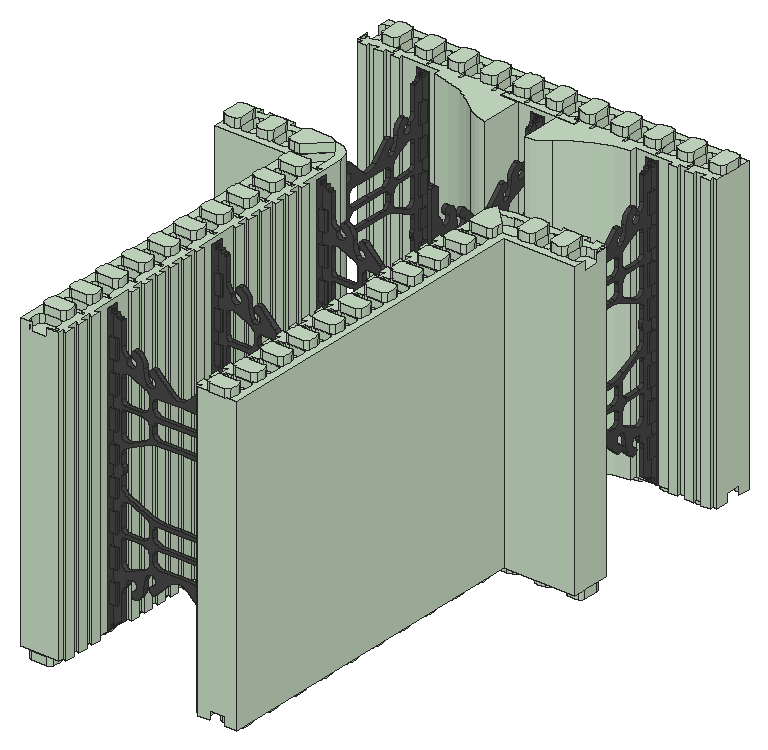
Revit family (continued)
Forms (in)
  Extrusion 46, void
    sketch origin (2, 8, 0) x (-1, 0, 0) y (0, -1, 0)
      loop
        arc (-4.89808, 25.99998) -> (-5.04517, 25.95213) -> (-5.13595, 25.8269) r 0.25
        arc (-5.13595, 25.8269) -> (-5.1875, 25.49998) -> (-5.13595, 25.17306) r 1.0625
    from 0 to 0.5
  Extrusion 47, void
    sketch origin (2, 10, 0) x (-1, 0, 0) y (0, -1, 0)
      loop
        arc (-5.13595, 25.17306) -> (-5.04517, 25.04783) -> (-4.89808, 24.99998) r 0.25
        line (-4.89808, 24.99998) -> (-3.97692, 24.99998)
        arc (-3.97692, 24.99998) -> (-3.82983, 25.04783) -> (-3.73905, 25.17306) r 0.25
        arc (-3.73905, 25.17306) -> (-3.69045, 25.4209) -> (-3.70172, 25.67321) r 1.0625
        arc (-3.70172, 25.67321) -> (-3.68771, 25.72383) -> (-3.64005, 25.7459) r 0.0625
        line (-3.64005, 25.7459) -> (-3.41845, 25.7459) -> (-3.41845, 25.91673) -> (-3.76455, 25.91673)
        arc (-3.76455, 25.91673) -> (-3.78736, 25.92104) -> (-3.80702, 25.93338) r 0.0625
        arc (-3.80702, 25.93338) -> (-3.88568, 25.98274) -> (-3.97692, 25.99998) r 0.25
        line (-3.97692, 25.99998) -> (-4.89808, 25.99998)
        arc (-4.89808, 25.99998) -> (-5.04517, 25.95213) -> (-5.13595, 25.8269) r 0.25
        arc (-5.13595, 25.8269) -> (-5.1875, 25.49998) -> (-5.13595, 25.17306) r 1.0625
    from 0 to 0.5
  Extrusion 48, void
    sketch origin (2, 12, 0) x (-1, 0, 0) y (0, -1, 0)
      loop
        arc (-5.13595, 25.17306) -> (-5.04517, 25.04783) -> (-4.89808, 24.99998) r 0.25
        line (-4.89808, 24.99998) -> (-3.97692, 24.99998)
        arc (-3.97692, 24.99998) -> (-3.82983, 25.04783) -> (-3.73905, 25.17306) r 0.25
        arc (-3.73905, 25.17306) -> (-3.69045, 25.4209) -> (-3.70172, 25.67321) r 1.0625
        arc (-3.70172, 25.67321) -> (-3.68771, 25.72383) -> (-3.64005, 25.7459) r 0.0625
        line (-3.64005, 25.7459) -> (-3.41845, 25.7459) -> (-3.41845, 25.91673) -> (-3.76455, 25.91673)
        arc (-3.76455, 25.91673) -> (-3.78736, 25.92104) -> (-3.80702, 25.93338) r 0.0625
        arc (-3.80702, 25.93338) -> (-3.88568, 25.98274) -> (-3.97692, 25.99998) r 0.25
        line (-3.97692, 25.99998) -> (-4.89808, 25.99998)
        arc (-4.89808, 25.99998) -> (-5.04517, 25.95213) -> (-5.13595, 25.8269) r 0.25
        arc (-5.13595, 25.8269) -> (-5.1875, 25.49998) -> (-5.13595, 25.17306) r 1.0625
    from 0 to 0.5
  Extrusion 49, void
    sketch origin (2, 14, 0) x (-1, 0, 0) y (0, -1, 0)
      loop
        arc (-5.13595, 25.17306) -> (-5.04517, 25.04783) -> (-4.89808, 24.99998) r 0.25
        line (-4.89808, 24.99998) -> (-3.97692, 24.99998)
        arc (-3.97692, 24.99998) -> (-3.82983, 25.04783) -> (-3.73905, 25.17306) r 0.25
        arc (-3.73905, 25.17306) -> (-3.69045, 25.4209) -> (-3.70172, 25.67321) r 1.0625
        arc (-3.70172, 25.67321) -> (-3.68771, 25.72383) -> (-3.64005, 25.7459) r 0.0625
        line (-3.64005, 25.7459) -> (-3.41845, 25.7459) -> (-3.41845, 25.91673) -> (-3.76455, 25.91673)
        arc (-3.76455, 25.91673) -> (-3.78736, 25.92104) -> (-3.80702, 25.93338) r 0.0625
        arc (-3.80702, 25.93338) -> (-3.88568, 25.98274) -> (-3.97692, 25.99998) r 0.25
        line (-3.97692, 25.99998) -> (-4.89808, 25.99998)
        arc (-4.89808, 25.99998) -> (-5.04517, 25.95213) -> (-5.13595, 25.8269) r 0.25
        arc (-5.13595, 25.8269) -> (-5.1875, 25.49998) -> (-5.13595, 25.17306) r 1.0625
    from 0 to 0.5
  Extrusion 50, void
    sketch origin (2, 16, 0) x (-1, 0, 0) y (0, -1, 0)
      loop
        arc (-5.13595, 25.17306) -> (-5.04517, 25.04783) -> (-4.89808, 24.99998) r 0.25
        line (-4.89808, 24.99998) -> (-3.97692, 24.99998)
        arc (-3.97692, 24.99998) -> (-3.82983, 25.04783) -> (-3.73905, 25.17306) r 0.25
        arc (-3.73905, 25.17306) -> (-3.69045, 25.4209) -> (-3.70172, 25.67321) r 1.0625
        arc (-3.70172, 25.67321) -> (-3.68771, 25.72383) -> (-3.64005, 25.7459) r 0.0625
        line (-3.64005, 25.7459) -> (-3.41845, 25.7459) -> (-3.41845, 25.91673) -> (-3.76455, 25.91673)
        arc (-3.76455, 25.91673) -> (-3.78736, 25.92104) -> (-3.80702, 25.93338) r 0.0625
        arc (-3.80702, 25.93338) -> (-3.88568, 25.98274) -> (-3.97692, 25.99998) r 0.25
        line (-3.97692, 25.99998) -> (-4.89808, 25.99998)
        arc (-4.89808, 25.99998) -> (-5.04517, 25.95213) -> (-5.13595, 25.8269) r 0.25
        arc (-5.13595, 25.8269) -> (-5.1875, 25.49998) -> (-5.13595, 25.17306) r 1.0625
    from 0 to 0.5
  Extrusion 51, void
    sketch origin (2.00002, -1.99998, 0) x (0, -1, 0) y (1, 0, 0)
      loop
        arc (5.67323, 3.7017) -> (5.72385, 3.68769) -> (5.74592, 3.64003) r 0.0625
        line (5.74592, 3.64003) -> (5.74592, 3.41844) -> (5.91675, 3.41844) -> (5.91675, 3.76453)
        arc (5.91675, 3.76453) -> (5.92106, 3.78734) -> (5.9334, 3.807) r 0.0625
        arc (5.9334, 3.807) -> (5.98276, 3.88566) -> (6, 3.9769) r 0.25
        line (6, 3.9769) -> (6, 4.89806)
        arc (6, 4.89806) -> (5.95215, 5.04515) -> (5.82692, 5.13593) r 0.25
        arc (5.82692, 5.13593) -> (5.66548, 5.17452) -> (5.5, 5.18748) r 1.0625
        line (5.5, 5.18748) -> (5.1875, 5.18748) -> (3.98039, 3.98037)
        arc (3.98039, 3.98037) -> (4.30482, 3.7636) -> (4.6875, 3.68748) r 1
        line (4.6875, 3.68748) -> (5.5, 3.68748)
        arc (5.5, 3.68748) -> (5.58691, 3.69104) -> (5.67323, 3.7017) r 1.0625
    from 0 to 0.5
  Extrusion 52, void
    sketch origin (33.99998, -1.99998, 0) x (0, 1, 0) y (-1, 0, 0)
      loop
        arc (-5.13595, 25.17306) -> (-5.04517, 25.04783) -> (-4.89808, 24.99998) r 0.25
        line (-4.89808, 24.99998) -> (-3.97692, 24.99998)
        arc (-3.97692, 24.99998) -> (-3.82983, 25.04783) -> (-3.73905, 25.17306) r 0.25
        arc (-3.73905, 25.17306) -> (-3.69045, 25.4209) -> (-3.70172, 25.67321) r 1.0625
        arc (-3.70172, 25.67321) -> (-3.68771, 25.72383) -> (-3.64005, 25.7459) r 0.0625
        line (-3.64005, 25.7459) -> (-3.41845, 25.7459) -> (-3.41845, 25.91673) -> (-3.76455, 25.91673)
        arc (-3.76455, 25.91673) -> (-3.78736, 25.92104) -> (-3.80702, 25.93338) r 0.0625
        arc (-3.80702, 25.93338) -> (-3.88568, 25.98274) -> (-3.97692, 25.99998) r 0.25
        line (-3.97692, 25.99998) -> (-4.89808, 25.99998)
        arc (-4.89808, 25.99998) -> (-5.04517, 25.95213) -> (-5.13595, 25.8269) r 0.25
        arc (-5.13595, 25.8269) -> (-5.1875, 25.49998) -> (-5.13595, 25.17306) r 1.0625
    from 0 to 0.5
  Extrusion 53, void
    sketch origin (35.99998, -1.99998, 0) x (0, 1, 0) y (-1, 0, 0)
      loop
        arc (-5.13595, 25.17306) -> (-5.04517, 25.04783) -> (-4.89808, 24.99998) r 0.25
        line (-4.89808, 24.99998) -> (-3.97692, 24.99998)
        arc (-3.97692, 24.99998) -> (-3.82983, 25.04783) -> (-3.73905, 25.17306) r 0.25
        arc (-3.73905, 25.17306) -> (-3.69045, 25.4209) -> (-3.70172, 25.67321) r 1.0625
        arc (-3.70172, 25.67321) -> (-3.68771, 25.72383) -> (-3.64005, 25.7459) r 0.0625
        line (-3.64005, 25.7459) -> (-3.41845, 25.7459) -> (-3.41845, 25.91673) -> (-3.76455, 25.91673)
        arc (-3.76455, 25.91673) -> (-3.78736, 25.92104) -> (-3.80702, 25.93338) r 0.0625
        arc (-3.80702, 25.93338) -> (-3.88568, 25.98274) -> (-3.97692, 25.99998) r 0.25
        line (-3.97692, 25.99998) -> (-4.89808, 25.99998)
        arc (-4.89808, 25.99998) -> (-5.04517, 25.95213) -> (-5.13595, 25.8269) r 0.25
        arc (-5.13595, 25.8269) -> (-5.1875, 25.49998) -> (-5.13595, 25.17306) r 1.0625
    from 0 to 0.5
  Extrusion 54, void
    sketch origin (15.99998, -0.00002, 0) x (0, -1, 0) y (1, 0, 0)
      loop
        arc (-5.13595, -25.17306) -> (-5.1875, -25.49998) -> (-5.13595, -25.8269) r 1.0625
        arc (-5.13595, -25.8269) -> (-5.04517, -25.95213) -> (-4.89808, -25.99998) r 0.25
        line (-4.89808, -25.99998) -> (-3.97692, -25.99998)
        arc (-3.97692, -25.99998) -> (-3.88568, -25.98274) -> (-3.80702, -25.93338) r 0.25
        arc (-3.80702, -25.93338) -> (-3.78736, -25.92104) -> (-3.76455, -25.91673) r 0.0625
        line (-3.76455, -25.91673) -> (-3.41845, -25.91673) -> (-3.41845, -25.7459) -> (-3.64005, -25.7459)
        arc (-3.64005, -25.7459) -> (-3.68771, -25.72383) -> (-3.70172, -25.67321) r 0.0625
        arc (-3.70172, -25.67321) -> (-3.69045, -25.4209) -> (-3.73905, -25.17306) r 1.0625
        arc (-3.73905, -25.17306) -> (-3.82983, -25.04783) -> (-3.97692, -24.99998) r 0.25
        line (-3.97692, -24.99998) -> (-4.89808, -24.99998)
        arc (-4.89808, -24.99998) -> (-5.04517, -25.04783) -> (-5.13595, -25.17306) r 0.25
    from 18 to 17.5
  Extrusion 55, void
    sketch origin (17.99998, -0.00002, 0) x (0, -1, 0) y (1, 0, 0)
      loop
        arc (-5.13595, -25.17306) -> (-5.1875, -25.49998) -> (-5.13595, -25.8269) r 1.0625
        arc (-5.13595, -25.8269) -> (-5.04517, -25.95213) -> (-4.89808, -25.99998) r 0.25
        line (-4.89808, -25.99998) -> (-3.97692, -25.99998)
        arc (-3.97692, -25.99998) -> (-3.88568, -25.98274) -> (-3.80702, -25.93338) r 0.25
        arc (-3.80702, -25.93338) -> (-3.78736, -25.92104) -> (-3.76455, -25.91673) r 0.0625
        line (-3.76455, -25.91673) -> (-3.41845, -25.91673) -> (-3.41845, -25.7459) -> (-3.64005, -25.7459)
        arc (-3.64005, -25.7459) -> (-3.68771, -25.72383) -> (-3.70172, -25.67321) r 0.0625
        arc (-3.70172, -25.67321) -> (-3.69045, -25.4209) -> (-3.73905, -25.17306) r 1.0625
        arc (-3.73905, -25.17306) -> (-3.82983, -25.04783) -> (-3.97692, -24.99998) r 0.25
        line (-3.97692, -24.99998) -> (-4.89808, -24.99998)
        arc (-4.89808, -24.99998) -> (-5.04517, -25.04783) -> (-5.13595, -25.17306) r 0.25
    from 18 to 17.5
  Extrusion 56, void
    sketch origin (19.99998, -0.00002, 0) x (0, -1, 0) y (1, 0, 0)
      loop
        arc (-5.13595, -25.17306) -> (-5.1875, -25.49998) -> (-5.13595, -25.8269) r 1.0625
        arc (-5.13595, -25.8269) -> (-5.04517, -25.95213) -> (-4.89808, -25.99998) r 0.25
        line (-4.89808, -25.99998) -> (-3.97692, -25.99998)
        arc (-3.97692, -25.99998) -> (-3.88568, -25.98274) -> (-3.80702, -25.93338) r 0.25
        arc (-3.80702, -25.93338) -> (-3.78736, -25.92104) -> (-3.76455, -25.91673) r 0.0625
        line (-3.76455, -25.91673) -> (-3.41845, -25.91673) -> (-3.41845, -25.7459) -> (-3.64005, -25.7459)
        arc (-3.64005, -25.7459) -> (-3.68771, -25.72383) -> (-3.70172, -25.67321) r 0.0625
        arc (-3.70172, -25.67321) -> (-3.69045, -25.4209) -> (-3.73905, -25.17306) r 1.0625
        arc (-3.73905, -25.17306) -> (-3.82983, -25.04783) -> (-3.97692, -24.99998) r 0.25
        line (-3.97692, -24.99998) -> (-4.89808, -24.99998)
        arc (-4.89808, -24.99998) -> (-5.04517, -25.04783) -> (-5.13595, -25.17306) r 0.25
    from 18 to 17.5
  Extrusion 57, void
    sketch origin (21.99998, -0.00002, 0) x (0, -1, 0) y (1, 0, 0)
      loop
        arc (-5.13595, -25.17306) -> (-5.1875, -25.49998) -> (-5.13595, -25.8269) r 1.0625
        arc (-5.13595, -25.8269) -> (-5.04517, -25.95213) -> (-4.89808, -25.99998) r 0.25
        line (-4.89808, -25.99998) -> (-3.97692, -25.99998)
        arc (-3.97692, -25.99998) -> (-3.88568, -25.98274) -> (-3.80702, -25.93338) r 0.25
        arc (-3.80702, -25.93338) -> (-3.78736, -25.92104) -> (-3.76455, -25.91673) r 0.0625
        line (-3.76455, -25.91673) -> (-3.41845, -25.91673) -> (-3.41845, -25.7459) -> (-3.64005, -25.7459)
        arc (-3.64005, -25.7459) -> (-3.68771, -25.72383) -> (-3.70172, -25.67321) r 0.0625
        arc (-3.70172, -25.67321) -> (-3.69045, -25.4209) -> (-3.73905, -25.17306) r 1.0625
        arc (-3.73905, -25.17306) -> (-3.82983, -25.04783) -> (-3.97692, -24.99998) r 0.25
        line (-3.97692, -24.99998) -> (-4.89808, -24.99998)
        arc (-4.89808, -24.99998) -> (-5.04517, -25.04783) -> (-5.13595, -25.17306) r 0.25
    from 18 to 17.5
  Extrusion 58, void
    sketch origin (23.99998, -0.00002, 0) x (0, -1, 0) y (1, 0, 0)
      loop
        arc (-5.13595, -25.17306) -> (-5.1875, -25.49998) -> (-5.13595, -25.8269) r 1.0625
        arc (-5.13595, -25.8269) -> (-5.04517, -25.95213) -> (-4.89808, -25.99998) r 0.25
        line (-4.89808, -25.99998) -> (-3.97692, -25.99998)
        arc (-3.97692, -25.99998) -> (-3.88568, -25.98274) -> (-3.80702, -25.93338) r 0.25
        arc (-3.80702, -25.93338) -> (-3.78736, -25.92104) -> (-3.76455, -25.91673) r 0.0625
        line (-3.76455, -25.91673) -> (-3.41845, -25.91673) -> (-3.41845, -25.7459) -> (-3.64005, -25.7459)
        arc (-3.64005, -25.7459) -> (-3.68771, -25.72383) -> (-3.70172, -25.67321) r 0.0625
        arc (-3.70172, -25.67321) -> (-3.69045, -25.4209) -> (-3.73905, -25.17306) r 1.0625
        arc (-3.73905, -25.17306) -> (-3.82983, -25.04783) -> (-3.97692, -24.99998) r 0.25
        line (-3.97692, -24.99998) -> (-4.89808, -24.99998)
        arc (-4.89808, -24.99998) -> (-5.04517, -25.04783) -> (-5.13595, -25.17306) r 0.25
    from 18 to 17.5
  Extrusion 59, void
    sketch origin (29.99998, -0.00002, 0) x (0, -1, 0) y (1, 0, 0)
      loop
        arc (-5.13595, -25.17306) -> (-5.1875, -25.49998) -> (-5.13595, -25.8269) r 1.0625
        arc (-5.13595, -25.8269) -> (-5.04517, -25.95213) -> (-4.89808, -25.99998) r 0.25
        line (-4.89808, -25.99998) -> (-3.97692, -25.99998)
        arc (-3.97692, -25.99998) -> (-3.88568, -25.98274) -> (-3.80702, -25.93338) r 0.25
        arc (-3.80702, -25.93338) -> (-3.78736, -25.92104) -> (-3.76455, -25.91673) r 0.0625
        line (-3.76455, -25.91673) -> (-3.41845, -25.91673) -> (-3.41845, -25.7459) -> (-3.64005, -25.7459)
        arc (-3.64005, -25.7459) -> (-3.68771, -25.72383) -> (-3.70172, -25.67321) r 0.0625
        arc (-3.70172, -25.67321) -> (-3.69045, -25.4209) -> (-3.73905, -25.17306) r 1.0625
        arc (-3.73905, -25.17306) -> (-3.82983, -25.04783) -> (-3.97692, -24.99998) r 0.25
        line (-3.97692, -24.99998) -> (-4.89808, -24.99998)
        arc (-4.89808, -24.99998) -> (-5.04517, -25.04783) -> (-5.13595, -25.17306) r 0.25
    from 18 to 17.5
  Extrusion 60, void
    sketch origin (31.99998, -0.00002, 0) x (0, -1, 0) y (1, 0, 0)
      loop
        arc (-5.13595, -25.17306) -> (-5.1875, -25.49998) -> (-5.13595, -25.8269) r 1.0625
        arc (-5.13595, -25.8269) -> (-5.04517, -25.95213) -> (-4.89808, -25.99998) r 0.25
        line (-4.89808, -25.99998) -> (-3.97692, -25.99998)
        arc (-3.97692, -25.99998) -> (-3.88568, -25.98274) -> (-3.80702, -25.93338) r 0.25
        arc (-3.80702, -25.93338) -> (-3.78736, -25.92104) -> (-3.76455, -25.91673) r 0.0625
        line (-3.76455, -25.91673) -> (-3.41845, -25.91673) -> (-3.41845, -25.7459) -> (-3.64005, -25.7459)
        arc (-3.64005, -25.7459) -> (-3.68771, -25.72383) -> (-3.70172, -25.67321) r 0.0625
        arc (-3.70172, -25.67321) -> (-3.69045, -25.4209) -> (-3.73905, -25.17306) r 1.0625
        arc (-3.73905, -25.17306) -> (-3.82983, -25.04783) -> (-3.97692, -24.99998) r 0.25
        line (-3.97692, -24.99998) -> (-4.89808, -24.99998)
        arc (-4.89808, -24.99998) -> (-5.04517, -25.04783) -> (-5.13595, -25.17306) r 0.25
    from 18 to 17.5
  Extrusion 61, void
    sketch origin (33.99998, -0.00002, 0) x (0, -1, 0) y (1, 0, 0)
      loop
        arc (-5.13595, -25.17306) -> (-5.1875, -25.49998) -> (-5.13595, -25.8269) r 1.0625
        arc (-5.13595, -25.8269) -> (-5.04517, -25.95213) -> (-4.89808, -25.99998) r 0.25
        line (-4.89808, -25.99998) -> (-3.97692, -25.99998)
        arc (-3.97692, -25.99998) -> (-3.88568, -25.98274) -> (-3.80702, -25.93338) r 0.25
        arc (-3.80702, -25.93338) -> (-3.78736, -25.92104) -> (-3.76455, -25.91673) r 0.0625
        line (-3.76455, -25.91673) -> (-3.41845, -25.91673) -> (-3.41845, -25.7459) -> (-3.64005, -25.7459)
        arc (-3.64005, -25.7459) -> (-3.68771, -25.72383) -> (-3.70172, -25.67321) r 0.0625
        arc (-3.70172, -25.67321) -> (-3.69045, -25.4209) -> (-3.73905, -25.17306) r 1.0625
        arc (-3.73905, -25.17306) -> (-3.82983, -25.04783) -> (-3.97692, -24.99998) r 0.25
        line (-3.97692, -24.99998) -> (-4.89808, -24.99998)
        arc (-4.89808, -24.99998) -> (-5.04517, -25.04783) -> (-5.13595, -25.17306) r 0.25
    from 18 to 17.5
  Extrusion 62, void
    sketch origin (35.99998, -0.00002, 0) x (0, -1, 0) y (1, 0, 0)
      loop
        arc (-5.13595, -25.17306) -> (-5.1875, -25.49998) -> (-5.13595, -25.8269) r 1.0625
        arc (-5.13595, -25.8269) -> (-5.04517, -25.95213) -> (-4.89808, -25.99998) r 0.25
        line (-4.89808, -25.99998) -> (-3.97692, -25.99998)
        arc (-3.97692, -25.99998) -> (-3.88568, -25.98274) -> (-3.80702, -25.93338) r 0.25
        arc (-3.80702, -25.93338) -> (-3.78736, -25.92104) -> (-3.76455, -25.91673) r 0.0625
        line (-3.76455, -25.91673) -> (-3.41845, -25.91673) -> (-3.41845, -25.7459) -> (-3.64005, -25.7459)
        arc (-3.64005, -25.7459) -> (-3.68771, -25.72383) -> (-3.70172, -25.67321) r 0.0625
        arc (-3.70172, -25.67321) -> (-3.69045, -25.4209) -> (-3.73905, -25.17306) r 1.0625
        arc (-3.73905, -25.17306) -> (-3.82983, -25.04783) -> (-3.97692, -24.99998) r 0.25
        line (-3.97692, -24.99998) -> (-4.89808, -24.99998)
        arc (-4.89808, -24.99998) -> (-5.04517, -25.04783) -> (-5.13595, -25.17306) r 0.25
    from 18 to 17.5
  Extrusion 63, void
    sketch origin (-33.99998, -0.00002, 0) x (0, -1, 0) y (1, 0, 0)
      loop
        arc (-5.13595, 25.17306) -> (-5.04517, 25.04783) -> (-4.89808, 24.99998) r 0.25
        line (-4.89808, 24.99998) -> (-3.97692, 24.99998)
        arc (-3.97692, 24.99998) -> (-3.82983, 25.04783) -> (-3.73905, 25.17306) r 0.25
        arc (-3.73905, 25.17306) -> (-3.69045, 25.4209) -> (-3.70172, 25.67321) r 1.0625
        arc (-3.70172, 25.67321) -> (-3.68771, 25.72383) -> (-3.64005, 25.7459) r 0.0625
        line (-3.64005, 25.7459) -> (-3.41845, 25.7459) -> (-3.41845, 25.91673) -> (-3.76455, 25.91673)
        arc (-3.76455, 25.91673) -> (-3.78736, 25.92104) -> (-3.80702, 25.93338) r 0.0625
        arc (-3.80702, 25.93338) -> (-3.88568, 25.98274) -> (-3.97692, 25.99998) r 0.25
        line (-3.97692, 25.99998) -> (-4.89808, 25.99998)
        arc (-4.89808, 25.99998) -> (-5.04517, 25.95213) -> (-5.13595, 25.8269) r 0.25
        arc (-5.13595, 25.8269) -> (-5.1875, 25.49998) -> (-5.13595, 25.17306) r 1.0625
    from 0 to 0.5
  Extrusion 64, void
    sketch origin (-31.99998, -0.00002, 0) x (0, -1, 0) y (1, 0, 0)
      loop
        arc (-5.13595, 25.17306) -> (-5.04517, 25.04783) -> (-4.89808, 24.99998) r 0.25
        line (-4.89808, 24.99998) -> (-3.97692, 24.99998)
        arc (-3.97692, 24.99998) -> (-3.82983, 25.04783) -> (-3.73905, 25.17306) r 0.25
        arc (-3.73905, 25.17306) -> (-3.69045, 25.4209) -> (-3.70172, 25.67321) r 1.0625
        arc (-3.70172, 25.67321) -> (-3.68771, 25.72383) -> (-3.64005, 25.7459) r 0.0625
        line (-3.64005, 25.7459) -> (-3.41845, 25.7459) -> (-3.41845, 25.91673) -> (-3.76455, 25.91673)
        arc (-3.76455, 25.91673) -> (-3.78736, 25.92104) -> (-3.80702, 25.93338) r 0.0625
        arc (-3.80702, 25.93338) -> (-3.88568, 25.98274) -> (-3.97692, 25.99998) r 0.25
        line (-3.97692, 25.99998) -> (-4.89808, 25.99998)
        arc (-4.89808, 25.99998) -> (-5.04517, 25.95213) -> (-5.13595, 25.8269) r 0.25
        arc (-5.13595, 25.8269) -> (-5.1875, 25.49998) -> (-5.13595, 25.17306) r 1.0625
    from 0 to 0.5
  Extrusion 65, void
    sketch origin (-29.99998, -0.00002, 0) x (0, -1, 0) y (1, 0, 0)
      loop
        arc (-5.13595, 25.17306) -> (-5.04517, 25.04783) -> (-4.89808, 24.99998) r 0.25
        line (-4.89808, 24.99998) -> (-3.97692, 24.99998)
        arc (-3.97692, 24.99998) -> (-3.82983, 25.04783) -> (-3.73905, 25.17306) r 0.25
        arc (-3.73905, 25.17306) -> (-3.69045, 25.4209) -> (-3.70172, 25.67321) r 1.0625
        arc (-3.70172, 25.67321) -> (-3.68771, 25.72383) -> (-3.64005, 25.7459) r 0.0625
        line (-3.64005, 25.7459) -> (-3.41845, 25.7459) -> (-3.41845, 25.91673) -> (-3.76455, 25.91673)
        arc (-3.76455, 25.91673) -> (-3.78736, 25.92104) -> (-3.80702, 25.93338) r 0.0625
        arc (-3.80702, 25.93338) -> (-3.88568, 25.98274) -> (-3.97692, 25.99998) r 0.25
        line (-3.97692, 25.99998) -> (-4.89808, 25.99998)
        arc (-4.89808, 25.99998) -> (-5.04517, 25.95213) -> (-5.13595, 25.8269) r 0.25
        arc (-5.13595, 25.8269) -> (-5.1875, 25.49998) -> (-5.13595, 25.17306) r 1.0625
    from 0 to 0.5
  Extrusion 66, void
    sketch origin (-27.99998, -0.00002, 0) x (0, -1, 0) y (1, 0, 0)
      loop
        arc (-5.13595, 25.17306) -> (-5.04517, 25.04783) -> (-4.89808, 24.99998) r 0.25
        line (-4.89808, 24.99998) -> (-3.97692, 24.99998)
        arc (-3.97692, 24.99998) -> (-3.82983, 25.04783) -> (-3.73905, 25.17306) r 0.25
        arc (-3.73905, 25.17306) -> (-3.69045, 25.4209) -> (-3.70172, 25.67321) r 1.0625
        arc (-3.70172, 25.67321) -> (-3.68771, 25.72383) -> (-3.64005, 25.7459) r 0.0625
        line (-3.64005, 25.7459) -> (-3.41845, 25.7459) -> (-3.41845, 25.91673) -> (-3.76455, 25.91673)
        arc (-3.76455, 25.91673) -> (-3.78736, 25.92104) -> (-3.80702, 25.93338) r 0.0625
        arc (-3.80702, 25.93338) -> (-3.88568, 25.98274) -> (-3.97692, 25.99998) r 0.25
        line (-3.97692, 25.99998) -> (-4.89808, 25.99998)
        arc (-4.89808, 25.99998) -> (-5.04517, 25.95213) -> (-5.13595, 25.8269) r 0.25
        arc (-5.13595, 25.8269) -> (-5.1875, 25.49998) -> (-5.13595, 25.17306) r 1.0625
    from 0 to 0.5
  Extrusion 67, void
    sketch origin (-19.99998, -0.00002, 0) x (0, -1, 0) y (1, 0, 0)
      loop
        arc (-5.13595, 25.17306) -> (-5.04517, 25.04783) -> (-4.89808, 24.99998) r 0.25
        line (-4.89808, 24.99998) -> (-3.97692, 24.99998)
        arc (-3.97692, 24.99998) -> (-3.82983, 25.04783) -> (-3.73905, 25.17306) r 0.25
        arc (-3.73905, 25.17306) -> (-3.69045, 25.4209) -> (-3.70172, 25.67321) r 1.0625
        arc (-3.70172, 25.67321) -> (-3.68771, 25.72383) -> (-3.64005, 25.7459) r 0.0625
        line (-3.64005, 25.7459) -> (-3.41845, 25.7459) -> (-3.41845, 25.91673) -> (-3.76455, 25.91673)
        arc (-3.76455, 25.91673) -> (-3.78736, 25.92104) -> (-3.80702, 25.93338) r 0.0625
        arc (-3.80702, 25.93338) -> (-3.88568, 25.98274) -> (-3.97692, 25.99998) r 0.25
        line (-3.97692, 25.99998) -> (-4.89808, 25.99998)
        arc (-4.89808, 25.99998) -> (-5.04517, 25.95213) -> (-5.13595, 25.8269) r 0.25
        arc (-5.13595, 25.8269) -> (-5.1875, 25.49998) -> (-5.13595, 25.17306) r 1.0625
    from 0 to 0.5
  Extrusion 68, void
    sketch origin (-17.99998, -0.00002, 0) x (0, -1, 0) y (1, 0, 0)
      loop
        arc (-5.13595, 25.17306) -> (-5.04517, 25.04783) -> (-4.89808, 24.99998) r 0.25
        line (-4.89808, 24.99998) -> (-3.97692, 24.99998)
        arc (-3.97692, 24.99998) -> (-3.82983, 25.04783) -> (-3.73905, 25.17306) r 0.25
        arc (-3.73905, 25.17306) -> (-3.69045, 25.4209) -> (-3.70172, 25.67321) r 1.0625
        arc (-3.70172, 25.67321) -> (-3.68771, 25.72383) -> (-3.64005, 25.7459) r 0.0625
        line (-3.64005, 25.7459) -> (-3.41845, 25.7459) -> (-3.41845, 25.91673) -> (-3.76455, 25.91673)
        arc (-3.76455, 25.91673) -> (-3.78736, 25.92104) -> (-3.80702, 25.93338) r 0.0625
        arc (-3.80702, 25.93338) -> (-3.88568, 25.98274) -> (-3.97692, 25.99998) r 0.25
        line (-3.97692, 25.99998) -> (-4.89808, 25.99998)
        arc (-4.89808, 25.99998) -> (-5.04517, 25.95213) -> (-5.13595, 25.8269) r 0.25
        arc (-5.13595, 25.8269) -> (-5.1875, 25.49998) -> (-5.13595, 25.17306) r 1.0625
    from 0 to 0.5
  Extrusion 69, void
    sketch origin (-15.99998, -0.00002, 0) x (0, -1, 0) y (1, 0, 0)
      loop
        arc (-5.13595, 25.17306) -> (-5.04517, 25.04783) -> (-4.89808, 24.99998) r 0.25
        line (-4.89808, 24.99998) -> (-3.97692, 24.99998)
        arc (-3.97692, 24.99998) -> (-3.82983, 25.04783) -> (-3.73905, 25.17306) r 0.25
        arc (-3.73905, 25.17306) -> (-3.69045, 25.4209) -> (-3.70172, 25.67321) r 1.0625
        arc (-3.70172, 25.67321) -> (-3.68771, 25.72383) -> (-3.64005, 25.7459) r 0.0625
        line (-3.64005, 25.7459) -> (-3.41845, 25.7459) -> (-3.41845, 25.91673) -> (-3.76455, 25.91673)
        arc (-3.76455, 25.91673) -> (-3.78736, 25.92104) -> (-3.80702, 25.93338) r 0.0625
        arc (-3.80702, 25.93338) -> (-3.88568, 25.98274) -> (-3.97692, 25.99998) r 0.25
        line (-3.97692, 25.99998) -> (-4.89808, 25.99998)
        arc (-4.89808, 25.99998) -> (-5.04517, 25.95213) -> (-5.13595, 25.8269) r 0.25
        arc (-5.13595, 25.8269) -> (-5.1875, 25.49998) -> (-5.13595, 25.17306) r 1.0625
    from 0 to 0.5
  Extrusion 70, void
    sketch origin (-13.99998, -0.00002, 0) x (0, -1, 0) y (1, 0, 0)
      loop
        arc (-5.13595, 25.17306) -> (-5.04517, 25.04783) -> (-4.89808, 24.99998) r 0.25
        line (-4.89808, 24.99998) -> (-3.97692, 24.99998)
        arc (-3.97692, 24.99998) -> (-3.82983, 25.04783) -> (-3.73905, 25.17306) r 0.25
        arc (-3.73905, 25.17306) -> (-3.69045, 25.4209) -> (-3.70172, 25.67321) r 1.0625
        arc (-3.70172, 25.67321) -> (-3.68771, 25.72383) -> (-3.64005, 25.7459) r 0.0625
        line (-3.64005, 25.7459) -> (-3.41845, 25.7459) -> (-3.41845, 25.91673) -> (-3.76455, 25.91673)
        arc (-3.76455, 25.91673) -> (-3.78736, 25.92104) -> (-3.80702, 25.93338) r 0.0625
        arc (-3.80702, 25.93338) -> (-3.88568, 25.98274) -> (-3.97692, 25.99998) r 0.25
        line (-3.97692, 25.99998) -> (-4.89808, 25.99998)
        arc (-4.89808, 25.99998) -> (-5.04517, 25.95213) -> (-5.13595, 25.8269) r 0.25
        arc (-5.13595, 25.8269) -> (-5.1875, 25.49998) -> (-5.13595, 25.17306) r 1.0625
    from 0 to 0.5
  Extrusion 71, solid, material "NUDURA Expanded Polystyrene Foam Insulation"
    sketch origin (2, -2, 0) x (1, 0, 0) y (0, 1, 0)
      loop
        arc (3.98039, -3.98037) -> (3.76362, -4.3048) -> (3.6875, -4.68748) r 1
        line (3.6875, -4.68748) -> (3.6875, -5.49998)
        arc (3.6875, -5.49998) -> (3.70047, -5.66546) -> (3.73905, -5.8269) r 1.0625
        arc (3.73905, -5.8269) -> (3.82983, -5.95213) -> (3.97692, -5.99998) r 0.25
        line (3.97692, -5.99998) -> (4.89808, -5.99998)
        arc (4.89808, -5.99998) -> (5.04517, -5.95213) -> (5.13595, -5.8269) r 0.25
        arc (5.13595, -5.8269) -> (5.17453, -5.66546) -> (5.1875, -5.49998) r 1.0625
        line (5.1875, -5.49998) -> (5.1875, -5.18748) -> (3.98039, -3.98037)
    from 18 to 18.5
  Extrusion 72, solid, material "NUDURA Expanded Polystyrene Foam Insulation"
    sketch origin (0, -2, 0) x (1, 0, 0) y (0, 1, 0)
      loop
        line (-4.6875, -3.68748) -> (-5.5, -3.68748)
        arc (-5.5, -3.68748) -> (-5.66548, -3.70045) -> (-5.82692, -3.73903) r 1.0625
        arc (-5.82692, -3.73903) -> (-5.95215, -3.82981) -> (-6, -3.9769) r 0.25
        line (-6, -3.9769) -> (-6, -4.89806)
        arc (-6, -4.89806) -> (-5.95215, -5.04515) -> (-5.82692, -5.13593) r 0.25
        arc (-5.82692, -5.13593) -> (-5.66548, -5.17452) -> (-5.5, -5.18748) r 1.0625
        line (-5.5, -5.18748) -> (-5.1875, -5.18748) -> (-3.98039, -3.98037)
        arc (-3.98039, -3.98037) -> (-4.30482, -3.7636) -> (-4.6875, -3.68748) r 1
    from 18 to 18.5
  Extrusion 73, solid, material "NUDURA Expanded Polystyrene Foam Insulation"
    sketch origin (0, -2, 0) x (1, 0, 0) y (0, 1, 0)
      loop
        line (-5.1875, -5.18748) -> (-5.1875, -5.49998)
        arc (-5.1875, -5.49998) -> (-5.17453, -5.66546) -> (-5.13595, -5.8269) r 1.0625
        arc (-5.13595, -5.8269) -> (-5.04517, -5.95213) -> (-4.89808, -5.99998) r 0.25
        line (-4.89808, -5.99998) -> (-3.97692, -5.99998)
        arc (-3.97692, -5.99998) -> (-3.82983, -5.95213) -> (-3.73905, -5.8269) r 0.25
        arc (-3.73905, -5.8269) -> (-3.70047, -5.66546) -> (-3.6875, -5.49998) r 1.0625
        line (-3.6875, -5.49998) -> (-3.6875, -4.68748)
        arc (-3.6875, -4.68748) -> (-3.76362, -4.3048) -> (-3.98039, -3.98037) r 1
        line (-3.98039, -3.98037) -> (-5.1875, -5.18748)
    from 0 to -0.5
  Extrusion 74, solid, material "NUDURA Expanded Polystyrene Foam Insulation"
    sketch origin (2, -2, 0) x (1, 0, 0) y (0, 1, 0)
      loop
        arc (6, -3.9769) -> (5.95215, -3.82981) -> (5.82692, -3.73903) r 0.25
        arc (5.82692, -3.73903) -> (5.66548, -3.70045) -> (5.5, -3.68748) r 1.0625
        line (5.5, -3.68748) -> (4.6875, -3.68748)
        arc (4.6875, -3.68748) -> (4.30482, -3.7636) -> (3.98039, -3.98037) r 1
        line (3.98039, -3.98037) -> (5.1875, -5.18748) -> (5.5, -5.18748)
        arc (5.5, -5.18748) -> (5.66548, -5.17452) -> (5.82692, -5.13593) r 1.0625
        arc (5.82692, -5.13593) -> (5.95215, -5.04515) -> (6, -4.89806) r 0.25
        line (6, -4.89806) -> (6, -3.9769)
    from 0 to -0.5
  Extrusion 75, void
    sketch origin (-21.99998, -0.00002, 0) x (0, -1, 0) y (1, 0, 0)
      loop
        arc (-5.13595, 25.17306) -> (-5.04517, 25.04783) -> (-4.89808, 24.99998) r 0.25
        line (-4.89808, 24.99998) -> (-3.97692, 24.99998)
        arc (-3.97692, 24.99998) -> (-3.82983, 25.04783) -> (-3.73905, 25.17306) r 0.25
        arc (-3.73905, 25.17306) -> (-3.69045, 25.4209) -> (-3.70172, 25.67321) r 1.0625
        arc (-3.70172, 25.67321) -> (-3.68771, 25.72383) -> (-3.64005, 25.7459) r 0.0625
        line (-3.64005, 25.7459) -> (-3.41845, 25.7459) -> (-3.41845, 25.91673) -> (-3.76455, 25.91673)
        arc (-3.76455, 25.91673) -> (-3.78736, 25.92104) -> (-3.80702, 25.93338) r 0.0625
        arc (-3.80702, 25.93338) -> (-3.88568, 25.98274) -> (-3.97692, 25.99998) r 0.25
        line (-3.97692, 25.99998) -> (-4.89808, 25.99998)
        arc (-4.89808, 25.99998) -> (-5.04517, 25.95213) -> (-5.13595, 25.8269) r 0.25
        arc (-5.13595, 25.8269) -> (-5.1875, 25.49998) -> (-5.13595, 25.17306) r 1.0625
    from 0 to 0.5
  Extrusion 76, solid, material "NUDURA Expanded Polystyrene Foam Insulation"
    sketch origin (0, 0, 0) x (1, 0, 0) y (0, 1, 0)
      loop
        line (-1.25, 5.625) -> (-1.25, 5.17633) -> (-1, 5.24332) -> (-1, 4.63633) -> (-1.25, 4.69867) -> (-1.25, 4.17633) -> (-1, 4.24332) -> (-1, 3.63633) -> (-1.25, 3.69867) -> (-1.25, 3.25) -> (3.25, 3.25) -> (3.25, 3.69867) -> (3, 3.63633) -> (3, 4.24332) -> (3.25, 4.17633) -> (3.25, 4.69867) -> (3, 4.63633) -> (3, 5.24332) -> (3.25, 5.17633) -> (3.25, 5.625) -> (-1.25, 5.625)
    from 0 to 18
  Extrusion 77, void
    sketch origin (25.99998, -0.00002, 0) x (0, -1, 0) y (1, 0, 0)
      loop
        arc (-5.13595, -25.17306) -> (-5.1875, -25.49998) -> (-5.13595, -25.8269) r 1.0625
        arc (-5.13595, -25.8269) -> (-5.04517, -25.95213) -> (-4.89808, -25.99998) r 0.25
        line (-4.89808, -25.99998) -> (-3.97692, -25.99998)
        arc (-3.97692, -25.99998) -> (-3.88568, -25.98274) -> (-3.80702, -25.93338) r 0.25
        arc (-3.80702, -25.93338) -> (-3.78736, -25.92104) -> (-3.76455, -25.91673) r 0.0625
        line (-3.76455, -25.91673) -> (-3.41845, -25.91673) -> (-3.41845, -25.7459) -> (-3.64005, -25.7459)
        arc (-3.64005, -25.7459) -> (-3.68771, -25.72383) -> (-3.70172, -25.67321) r 0.0625
        arc (-3.70172, -25.67321) -> (-3.69045, -25.4209) -> (-3.73905, -25.17306) r 1.0625
        arc (-3.73905, -25.17306) -> (-3.82983, -25.04783) -> (-3.97692, -24.99998) r 0.25
        line (-3.97692, -24.99998) -> (-4.89808, -24.99998)
        arc (-4.89808, -24.99998) -> (-5.04517, -25.04783) -> (-5.13595, -25.17306) r 0.25
    from 18 to 17.5
  Extrusion 78, void
    sketch origin (27.99998, -0.00002, 0) x (0, -1, 0) y (1, 0, 0)
      loop
        arc (-5.13595, -25.17306) -> (-5.1875, -25.49998) -> (-5.13595, -25.8269) r 1.0625
        arc (-5.13595, -25.8269) -> (-5.04517, -25.95213) -> (-4.89808, -25.99998) r 0.25
        line (-4.89808, -25.99998) -> (-3.97692, -25.99998)
        arc (-3.97692, -25.99998) -> (-3.88568, -25.98274) -> (-3.80702, -25.93338) r 0.25
        arc (-3.80702, -25.93338) -> (-3.78736, -25.92104) -> (-3.76455, -25.91673) r 0.0625
        line (-3.76455, -25.91673) -> (-3.41845, -25.91673) -> (-3.41845, -25.7459) -> (-3.64005, -25.7459)
        arc (-3.64005, -25.7459) -> (-3.68771, -25.72383) -> (-3.70172, -25.67321) r 0.0625
        arc (-3.70172, -25.67321) -> (-3.69045, -25.4209) -> (-3.73905, -25.17306) r 1.0625
        arc (-3.73905, -25.17306) -> (-3.82983, -25.04783) -> (-3.97692, -24.99998) r 0.25
        line (-3.97692, -24.99998) -> (-4.89808, -24.99998)
        arc (-4.89808, -24.99998) -> (-5.04517, -25.04783) -> (-5.13595, -25.17306) r 0.25
    from 18 to 17.5
  Extrusion 79, void
    sketch origin (-23.99998, -0.00002, 0) x (0, -1, 0) y (1, 0, 0)
      loop
        arc (-5.13595, 25.17306) -> (-5.04517, 25.04783) -> (-4.89808, 24.99998) r 0.25
        line (-4.89808, 24.99998) -> (-3.97692, 24.99998)
        arc (-3.97692, 24.99998) -> (-3.82983, 25.04783) -> (-3.73905, 25.17306) r 0.25
        arc (-3.73905, 25.17306) -> (-3.69045, 25.4209) -> (-3.70172, 25.67321) r 1.0625
        arc (-3.70172, 25.67321) -> (-3.68771, 25.72383) -> (-3.64005, 25.7459) r 0.0625
        line (-3.64005, 25.7459) -> (-3.41845, 25.7459) -> (-3.41845, 25.91673) -> (-3.76455, 25.91673)
        arc (-3.76455, 25.91673) -> (-3.78736, 25.92104) -> (-3.80702, 25.93338) r 0.0625
        arc (-3.80702, 25.93338) -> (-3.88568, 25.98274) -> (-3.97692, 25.99998) r 0.25
        line (-3.97692, 25.99998) -> (-4.89808, 25.99998)
        arc (-4.89808, 25.99998) -> (-5.04517, 25.95213) -> (-5.13595, 25.8269) r 0.25
        arc (-5.13595, 25.8269) -> (-5.1875, 25.49998) -> (-5.13595, 25.17306) r 1.0625
    from 0 to 0.5
  Extrusion 80, void
    sketch origin (-25.99998, -0.00002, 0) x (0, -1, 0) y (1, 0, 0)
      loop
        arc (-5.13595, 25.17306) -> (-5.04517, 25.04783) -> (-4.89808, 24.99998) r 0.25
        line (-4.89808, 24.99998) -> (-3.97692, 24.99998)
        arc (-3.97692, 24.99998) -> (-3.82983, 25.04783) -> (-3.73905, 25.17306) r 0.25
        arc (-3.73905, 25.17306) -> (-3.69045, 25.4209) -> (-3.70172, 25.67321) r 1.0625
        arc (-3.70172, 25.67321) -> (-3.68771, 25.72383) -> (-3.64005, 25.7459) r 0.0625
        line (-3.64005, 25.7459) -> (-3.41845, 25.7459) -> (-3.41845, 25.91673) -> (-3.76455, 25.91673)
        arc (-3.76455, 25.91673) -> (-3.78736, 25.92104) -> (-3.80702, 25.93338) r 0.0625
        arc (-3.80702, 25.93338) -> (-3.88568, 25.98274) -> (-3.97692, 25.99998) r 0.25
        line (-3.97692, 25.99998) -> (-4.89808, 25.99998)
        arc (-4.89808, 25.99998) -> (-5.04517, 25.95213) -> (-5.13595, 25.8269) r 0.25
        arc (-5.13595, 25.8269) -> (-5.1875, 25.49998) -> (-5.13595, 25.17306) r 1.0625
    from 0 to 0.5
Cuts and joins
  Extrusion 2, Extrusion 3, Extrusion 4, Extrusion 5, Extrusion 6, Extrusion 7, Extrusion 8, Extrusion 9, Extrusion 10, Extrusion 11, Extrusion 12, Extrusion 13, Extrusion 14, Extrusion 15, Extrusion 16, Extrusion 17, Extrusion 18, Extrusion 19, Extrusion 20, Extrusion 21, Extrusion 22, Extrusion 23, Extrusion 24, Extrusion 25, Extrusion 26, Extrusion 27, Extrusion 28, Extrusion 29, Extrusion 30, Extrusion 31, Extrusion 32, Extrusion 33, Extrusion 34, Extrusion 35, Extrusion 36, Extrusion 37, Extrusion 38, Extrusion 39, Extrusion 40, Extrusion 41, Extrusion 42, Extrusion 43, Extrusion 44, Extrusion 45, Extrusion 46, Extrusion 47, Extrusion 48, Extrusion 49, Extrusion 50, Extrusion 51, Extrusion 52, Extrusion 53, Extrusion 54, Extrusion 55, Extrusion 56, Extrusion 57, Extrusion 58, Extrusion 59, Extrusion 60, Extrusion 61, Extrusion 62, Extrusion 63, Extrusion 64, Extrusion 65, Extrusion 66, Extrusion 67, Extrusion 68, Extrusion 69, Extrusion 70, Extrusion 75, Extrusion 77, Extrusion 78, Extrusion 79, Extrusion 80 cuts Extrusion 1
  Extrusion 58, Extrusion 75, Extrusion 77, Extrusion 78, Extrusion 79, Extrusion 80 cuts Extrusion 76
Lines and regions (in)
  model lines
    curve 1: line (-5.625, -17.99998, 18) -> (-5.625, -17.99998, 0)
    curve 2: line (-2, 5.62502, 18) -> (-2, 5.62502, 0)
    curve 3: line (2, 5.625, 18) -> (2, 5.625, 0)
    curve 4: line (0, 5.625, 0) -> (0, 5.625, 18)
    curve 5: line (-5.625, -19.99998, 0) -> (-5.625, -19.99998, 18)
Dimensions and locks (in)
  locked: plane 8 to level at 18  (x2)
  locked: plane 5 to plane 4 at 8
  locked: plane 7 to plane 6 at 8
  aligned and locked: plane 8 to Extrusion 1
  aligned and locked: Extrusion 1 to level
  aligned and locked: Extrusion 1 to plane 8
  aligned and locked: plane 2 to level
  aligned and locked: nested 67 to cut or joined group 1 (Extrusion 1, Extrusion 2, Extrusion 3, Extrusion 4, Extrusion 5, Extrusion 6, Extrusion 7, Extrusion 8, Extrusion 9, Extrusion 10, Extrusion 11, Extrusion 12, Extrusion 13, Extrusion 14, Extrusion 15, Extrusion 16, Extrusion 17, Extrusion 18, Extrusion 19, Extrusion 20, Extrusion 21, Extrusion 22, Extrusion 23, Extrusion 24, Extrusion 25, Extrusion 26, Extrusion 27, Extrusion 28, Extrusion 29, Extrusion 30, Extrusion 31, Extrusion 32, Extrusion 33, Extrusion 34, Extrusion 35, Extrusion 36, Extrusion 37, Extrusion 38, Extrusion 39, Extrusion 40, Extrusion 41, Extrusion 42, Extrusion 43, Extrusion 44, Extrusion 45, Extrusion 46, Extrusion 47, Extrusion 48, Extrusion 49, Extrusion 50, Extrusion 51, Extrusion 52, Extrusion 53, Extrusion 54, Extrusion 55, Extrusion 56, Extrusion 57, Extrusion 58, Extrusion 59, Extrusion 60, Extrusion 61, Extrusion 62, Extrusion 63, Extrusion 64, Extrusion 65, Extrusion 66, Extrusion 67, Extrusion 68, Extrusion 69, Extrusion 70, Extrusion 75, Extrusion 77, Extrusion 78, Extrusion 79, Extrusion 80)  (x2)
  aligned and locked: cut or joined group 1 to nested 68
  aligned: nested 70 to cut or joined group 1
  aligned and locked: cut or joined group 1 to nested 71
  aligned: cut or joined group 1 to nested 72
  aligned and locked: nested 83 to cut or joined group of Extrusion 58, Extrusion 75, Extrusion 76, Extrusion 77, Extrusion 78, Extrusion 79, Extrusion 80
  aligned and locked: nested 84 to nested 72
Nested families (in)
  nested 1: "Interlock Tooth" at (2, -27.99998, 0) x (0, 1, 0) z (0, 0, 1), type "Interlock Tooth"
  nested 2: "Interlock Tooth" at (2, -25.99998, 0) x (0, 1, 0) z (0, 0, 1), type "Interlock Tooth"
  nested 3: "Interlock Tooth" at (2, -23.99998, 0) x (0, 1, 0) z (0, 0, 1), type "Interlock Tooth"
  nested 4: "Interlock Tooth" at (2, -21.99998, 0) x (0, 1, 0) z (0, 0, 1), type "Interlock Tooth"
  nested 5: "Interlock Tooth" at (2, -19.99998, 0) x (0, 1, 0) z (0, 0, 1), type "Interlock Tooth"
  nested 6: "Interlock Tooth" at (2, -17.99998, 0) x (0, 1, 0) z (0, 0, 1), type "Interlock Tooth"
  nested 7: "Interlock Tooth" at (2, -15.99998, 0) x (0, 1, 0) z (0, 0, 1), type "Interlock Tooth"
  nested 8: "Interlock Tooth" at (2, -13.99998, 0) x (0, 1, 0) z (0, 0, 1), type "Interlock Tooth"
  nested 9: "Interlock Tooth" at (2, -11.99998, 0) x (0, 1, 0) z (0, 0, 1), type "Interlock Tooth"
  nested 10: "Interlock Tooth" at (2, -9.99998, 0) x (0, 1, 0) z (0, 0, 1), type "Interlock Tooth"
  nested 11: "Interlock Tooth" at (0, -26.99998, 0) x (0, 1, 0) z (0, 0, 1), type "Interlock Tooth"
  nested 12: "Interlock Tooth" at (0, -24.99998, 0) x (0, 1, 0) z (0, 0, 1), type "Interlock Tooth"
  nested 13: "Interlock Tooth" at (0, -22.99998, 0) x (0, 1, 0) z (0, 0, 1), type "Interlock Tooth"
  nested 14: "Interlock Tooth" at (0, -20.99998, 0) x (0, 1, 0) z (0, 0, 1), type "Interlock Tooth"
  nested 15: "Interlock Tooth" at (0, -18.99998, 0) x (0, 1, 0) z (0, 0, 1), type "Interlock Tooth"
  nested 16: "Interlock Tooth" at (0, -16.99998, 0) x (0, 1, 0) z (0, 0, 1), type "Interlock Tooth"
  nested 17: "Interlock Tooth" at (0, -14.99998, 0) x (0, 1, 0) z (0, 0, 1), type "Interlock Tooth"
  nested 18: "Interlock Tooth" at (0, -12.99998, 0) x (0, 1, 0) z (0, 0, 1), type "Interlock Tooth"
  nested 19: "Interlock Tooth" at (0, -10.99998, 0) x (0, 1, 0) z (0, 0, 1), type "Interlock Tooth"
  nested 20: "Interlock Tooth" at (0, -8.99998, 0) x (0, 1, 0) z (0, 0, 1), type "Interlock Tooth"
  nested 21: "Interlock Tooth" at (-10, -1.99998, 0), type "Interlock Tooth"
  nested 22: "Interlock Tooth" at (-8, -1.99998, 0), type "Interlock Tooth"
  nested 23: "Interlock Tooth" at (8, -1.99998, 0), type "Interlock Tooth"
  nested 24: "Interlock Tooth" at (10, -1.99998, 0), type "Interlock Tooth"
  nested 25: "Interlock Tooth" at (-9, -1.99998, -18.5), type "Interlock Tooth"
  nested 26: "Interlock Tooth" at (-7, -1.99998, -18.5), type "Interlock Tooth"
  nested 27: "Interlock Tooth" at (11, -1.99998, -18.5), type "Interlock Tooth"
  nested 28: "Interlock Tooth" at (9, -1.99998, -18.5), type "Interlock Tooth"
  nested 29: "Interlock Tooth" at (0, -26.99998, -18.5) x (0, -1, 0) z (0, 0, 1), type "Interlock Tooth"
  nested 30: "Interlock Tooth" at (0, -24.99998, -18.5) x (0, -1, 0) z (0, 0, 1), type "Interlock Tooth"
  nested 31: "Interlock Tooth" at (0, -22.99998, -18.5) x (0, -1, 0) z (0, 0, 1), type "Interlock Tooth"
  nested 32: "Interlock Tooth" at (0, -20.99998, -18.5) x (0, -1, 0) z (0, 0, 1), type "Interlock Tooth"
  nested 33: "Interlock Tooth" at (0, -18.99998, -18.5) x (0, -1, 0) z (0, 0, 1), type "Interlock Tooth"
  nested 34: "Interlock Tooth" at (0, -16.99998, -18.5) x (0, -1, 0) z (0, 0, 1), type "Interlock Tooth"
  nested 35: "Interlock Tooth" at (0, -14.99998, -18.5) x (0, -1, 0) z (0, 0, 1), type "Interlock Tooth"
  nested 36: "Interlock Tooth" at (0, -12.99998, -18.5) x (0, -1, 0) z (0, 0, 1), type "Interlock Tooth"
  nested 37: "Interlock Tooth" at (0, -10.99998, -18.5) x (0, -1, 0) z (0, 0, 1), type "Interlock Tooth"
  nested 38: "Interlock Tooth" at (0, -8.99998, -18.5) x (0, -1, 0) z (0, 0, 1), type "Interlock Tooth"
  nested 39: "Interlock Tooth" at (2, -26.99998, -18.5) x (0, 1, 0) z (0, 0, 1), type "Interlock Tooth"
  nested 40: "Interlock Tooth" at (2, -24.99998, -18.5) x (0, 1, 0) z (0, 0, 1), type "Interlock Tooth"
  nested 41: "Interlock Tooth" at (2, -22.99998, -18.5) x (0, 1, 0) z (0, 0, 1), type "Interlock Tooth"
  nested 42: "Interlock Tooth" at (2, -20.99998, -18.5) x (0, 1, 0) z (0, 0, 1), type "Interlock Tooth"
  nested 43: "Interlock Tooth" at (2, -18.99998, -18.5) x (0, 1, 0) z (0, 0, 1), type "Interlock Tooth"
  nested 44: "Interlock Tooth" at (2, -16.99998, -18.5) x (0, 1, 0) z (0, 0, 1), type "Interlock Tooth"
  nested 45: "Interlock Tooth" at (2, -14.99998, -18.5) x (0, 1, 0) z (0, 0, 1), type "Interlock Tooth"
  nested 46: "Interlock Tooth" at (2, -12.99998, -18.5) x (0, 1, 0) z (0, 0, 1), type "Interlock Tooth"
  nested 47: "Interlock Tooth" at (2, -10.99998, -18.5) x (0, 1, 0) z (0, 0, 1), type "Interlock Tooth"
  nested 48: "Interlock Tooth" at (2, -8.99998, -18.5) x (0, 1, 0) z (0, 0, 1), type "Interlock Tooth"
  nested 49: "Interlock Tooth" at (-8, -0.00002, 0) x (-1, 0, 0) z (0, 0, 1), type "Interlock Tooth"
  nested 50: "Interlock Tooth" at (-9, -0.00002, -18.5) x (-1, 0, 0) z (0, 0, 1), type "Interlock Tooth"
  nested 51: "Interlock Tooth" at (-6, -0.00002, 0) x (-1, 0, 0) z (0, 0, 1), type "Interlock Tooth"
  nested 52: "Interlock Tooth" at (-7, -0.00002, -18.5) x (-1, 0, 0) z (0, 0, 1), type "Interlock Tooth"
  nested 53: "Interlock Tooth" at (-4, -0.00002, 0) x (-1, 0, 0) z (0, 0, 1), type "Interlock Tooth"
  nested 54: "Interlock Tooth" at (-5, -0.00002, -18.5) x (-1, 0, 0) z (0, 0, 1), type "Interlock Tooth"
  nested 55: "Interlock Tooth" at (-2, -0.00002, 0) x (-1, 0, 0) z (0, 0, 1), type "Interlock Tooth"
  nested 56: "Interlock Tooth" at (-3, -0.00002, -18.5) x (-1, 0, 0) z (0, 0, 1), type "Interlock Tooth"
  nested 57: "Interlock Tooth" at (-1, -0.00002, -18.5) x (-1, 0, 0) z (0, 0, 1), type "Interlock Tooth"
  nested 58: "Interlock Tooth" at (6, -0.00002, 0) x (-1, 0, 0) z (0, 0, 1), type "Interlock Tooth"
  nested 59: "Interlock Tooth" at (5, -0.00002, -18.5) x (-1, 0, 0) z (0, 0, 1), type "Interlock Tooth"
  nested 60: "Interlock Tooth" at (8, -0.00002, 0) x (-1, 0, 0) z (0, 0, 1), type "Interlock Tooth"
  nested 61: "Interlock Tooth" at (7, -0.00002, -18.5) x (-1, 0, 0) z (0, 0, 1), type "Interlock Tooth"
  nested 62: "Interlock Tooth" at (10, -0.00002, 0) x (-1, 0, 0) z (0, 0, 1), type "Interlock Tooth"
  nested 63: "Interlock Tooth" at (9, -0.00002, -18.5) x (-1, 0, 0) z (0, 0, 1), type "Interlock Tooth"
  nested 64: "Interlock Tooth" at (12, -0.00002, 0) x (-1, 0, 0) z (0, 0, 1), type "Interlock Tooth"
  nested 65: "Interlock Tooth" at (11, -0.00002, -18.5) x (-1, 0, 0) z (0, 0, 1), type "Interlock Tooth"
  nested 66: "NUDURA Diamond Pattern" at (13.25, -19.99998, 0) x (0, 1, 0) z (0, 0, 1), type "NUDURA Diamond Pattern"
  nested 67: "NUDURA Logo Diamond" at (7.625, -35.99742, 0) x (0, 1, 0) z (0, 0, 1), type "NUDURA Logo Diamond"
  nested 68: "NUDURA Diamond Pattern Missing Two Lines" at (-11.25, -11.99998, 0) x (0, 1, 0) z (0, 0, 1), type "NUDURA Diamond Pattern minus Two lines"
  nested 69: "NUDURA Diamond Pattern Missing Two Lines" at (-10, -2, 0), type "NUDURA Diamond Pattern minus Two lines"
  nested 70: "NUDURA Diamond Pattern Missing Two Lines" at (2, -11.99998, 0) x (0, 1, 0) z (0, 0, 1), type "NUDURA Diamond Pattern minus Two lines"
  nested 71: "NUDURA Diamond Pattern Missing Two Lines" at (12, -13.24998, 0) x (-1, 0, 0) z (0, 0, 1), type "NUDURA Diamond Pattern minus Two lines"
  nested 72: "NUDURA Logo Diamond" at (5.99744, 5.625, 0) x (-1, 0, 0) z (0, 0, 1), type "NUDURA Logo Diamond"
  nested 73: "Interlock Tooth" at (4, -0.00002, 0) x (-1, 0, 0) z (0, 0, 1), type "Interlock Tooth"
  nested 74: "Interlock Tooth" at (2, -0.00002, 0) x (-1, 0, 0) z (0, 0, 1), type "Interlock Tooth"
  nested 75: "Interlock Tooth" at (1, -0.00002, -18.5) x (-1, 0, 0) z (0, 0, 1), type "Interlock Tooth"
  nested 76: "Interlock Tooth" at (3, -0.00002, -18.5) x (-1, 0, 0) z (0, 0, 1), type "Interlock Tooth"
  nested 77: "Interlock Tooth" at (0, -0.00002, 0) x (-1, 0, 0) z (0, 0, 1), type "Interlock Tooth"
  nested 78: "8-inch Insert Web" at (-6, -1, 0), type "8-inch Insert Web"
  nested 79: "8-inch Insert Web" at (8, -1, 0), type "8-inch Insert Web"
  nested 80: "8-inch Insert Web" at (1, -23.99998, 0) x (0, 1, 0) z (0, 0, 1), type "8-inch Insert Web"
  nested 81: "8-inch Insert Web" at (1, -15.99998, 0) x (0, 1, 0) z (0, 0, 1), type "8-inch Insert Web"
  nested 82: "8-inch Insert Web" at (1, -7.99998, 0) x (0, 1, 0) z (0, 0, 1), type "8-inch Insert Web"
  nested 83: "8-inch Insert Web w One Fastening Strip" at (1, -1, 0) x (-1, 0, 0) z (0, 0, 1), type "8-inch Insert Web w One Fastening Strip"
  nested 84: "NUDURA Logo Diamond" at (19.99744, 5.625, 0) x (-1, 0, 0) z (0, 0, 1), type "NUDURA Logo Diamond"
  nested 85: "NUDURA Diamond Pattern" at (-11.25, -19.99998, 0) x (0, 1, 0) z (0, 0, 1), type "NUDURA Diamond Pattern"
  nested 86: "NUDURA Logo Diamond" at (-5.625, -12.00254, 0) x (0, -1, 0) z (0, 0, 1), type "NUDURA Logo Diamond"
Definition of nested family "Interlock Tooth"
  Reference planes (in)
    plane 1 "Center (Front/Back)": y = 0
    plane 2: z = 0
    plane 3 "Center (Left/Right)": x = 0
    plane 4: z = 18
    plane 5: z = 18.5
    plane 6: z = -0.5
  Forms (in)
    Extrusion 1, solid, material "NUDURA Expanded Polystyrene Foam Insulation"
      sketch origin (0, -8.875, 0) x (1, 0, 0) y (0, 1, 0)
        loop
          arc (0, 3.97692) -> (0.04785, 3.82983) -> (0.17308, 3.73905) r 0.25
          arc (0.17308, 3.73905) -> (0.5, 3.6875) -> (0.82692, 3.73905) r 1.0625
          arc (0.82692, 3.73905) -> (0.95215, 3.82983) -> (1, 3.97692) r 0.25
          line (1, 3.97692) -> (1, 4.89808)
          arc (1, 4.89808) -> (0.95215, 5.04517) -> (0.82692, 5.13595) r 0.25
          arc (0.82692, 5.13595) -> (0.5, 5.1875) -> (0.17308, 5.13595) r 1.0625
          arc (0.17308, 5.13595) -> (0.04785, 5.04517) -> (0, 4.89808) r 0.25
          line (0, 4.89808) -> (0, 3.97692)
      from 18 to 18.5
  Dimensions and locks (in)
    locked: plane 4 to level at 18
    locked: plane 4 to plane 5 at 0.5
    locked: plane 6 to level at 0.5
Definition of nested family "8-inch Insert Web"
  Reference planes (in)
    plane 1 "Center (Front/Back)": y = 0
    plane 2: z = 0
    plane 3 "Center (Left/Right)": x = 0
  Forms (in)
    Extrusion 1, solid, material "High Density Polystyrene"
      sketch origin (0, 0, 0) x (0, 1, 0) y (0, 0, 1)
        loop
          line (4.25, 0) -> (4.25, 17.74583)
          arc (4.25, 17.74583) -> (4.22112, 17.72608) -> (4.21, 17.69292) r 0.055
          line (4.21, 17.69292) -> (4.21, 0.05292)
          arc (4.21, 0.05292) -> (4.22112, 0.01975) -> (4.25, 0) r 0.055
        loop
          arc (-4.25, 0) -> (-4.22112, 0.01975) -> (-4.21, 0.05292) r 0.055
          line (-4.21, 0.05292) -> (-4.21, 17.69292)
          arc (-4.21, 17.69292) -> (-4.22112, 17.72608) -> (-4.25, 17.74583) r 0.055
          line (-4.25, 17.74583) -> (-4.25, 0)
      from 0.36328 to -0.36328
